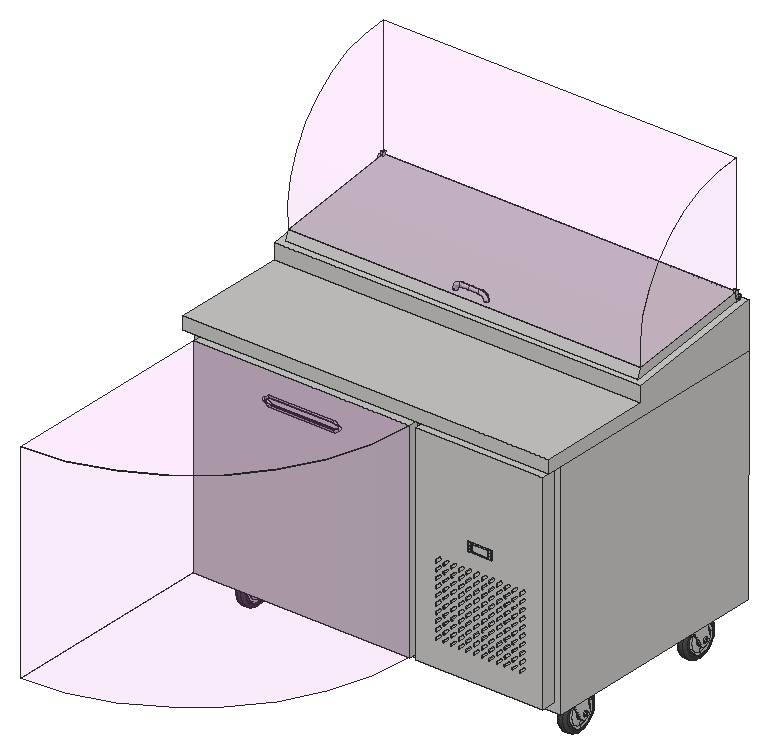
Revit family "QF_Kelvinator_738252_KCHPT50.6", category Specialty Equipment, Revit 2021
Family settings
  Round Connector Dimension = Use Diameter
  Part Type = Normal
  Work Plane-Based = No
  Always vertical = Yes
  Cut with Voids When Loaded = No
  Shared = No
  Room Calculation Point = No
Parameters
  Weight in Pounds = 224.872
  Weight = 102.00 lbm
  Watts = 0 W
  Volts = 115 V
  URL Manufacturer = "KELVINATOR"
  URL Cutsheet = ""
  URL = "KELVINATOR"
  Specification by User = ""
  Specification by Manufacturer = ""
  Serial Number = ""
  Seismic Rating = ""
  SMACNA No = ""
  Revision Code = ""
  Refrigerant Type = "R290"
  Phase = 1
  Number of Poles = 1
  NAFEM Spec ID Number = ""
  Model = "KCHPT50.6"
  Min Ckt Ampacity = 0 A
  Max Overcurrent Protection = 0 A
  Masterspec = ""
  Manufacturer = "Kelvinator"
  Length Actual = 1203"
  Length = 47 3/8"
  Item Number = "738252"
  Installed By = ""
  Identify Quantity as Lot = yes
  Height Actual = 1050"
  Height = 41 5/16"
  HP = "1 HP"
  Gas KW = 0
  Furnished By = ""
  Foodservice Equipment Identifier = yes
  FL Amps = 5 A
  Electrical Remarks = ""
  Electric Connection Type = ""
  Elec Conn RI Height = 0"
  Elec Conn Connection Height = 0"
  Description = "1-DOOR PIZZA PREP TABLE 48\" LONG 6-1/3 PAN"
  Depth Actual = 820"
  Depth = 32 5/16"
  Default Elevation = 0"
  Cycle = 60 Hz
  Conn Plug = "5-15P"
  Conn Conduit = yes
  CSI MasterFormat = ""
  Apparent Power = 0 VA
  Accessory = no
Reference planes (in)
  plane 1 "BACK": y = 0
  plane 2: z = 0
  plane 3 "LEFT": x = 0
  plane 4 "RIGHT": x = 47.375
  plane 5 "FRONT": y = -32.3125
  plane 6 "TOP": z = 41.3125
  plane 7 "Center Y": x = 23.6875
  plane 8 "Center X": y = -16.15625
Dimensions and locks (in)
  equal spacing: plane 3 "LEFT", plane 7 "Center Y", plane 4 "RIGHT"
  "Length": plane 3 "LEFT" to plane 4 "RIGHT"
  equal spacing: plane 5 "FRONT", plane 8 "Center X", plane 1 "BACK"
  "Depth": plane 5 "FRONT" to plane 1 "BACK"
  "Height": plane 6 "TOP" to level
  aligned and locked: level to plane 2
Nested families (in)
  nested 1: "KCHPT" at (0, 0, 0), type "KCHPT"
    with Show Clearance yes
Connectors (in)
  electrical at (23.6875, -1.18418, 4.62235), driven by "Volts", driven by "Watts"
    settings: on nested 1, index 1, voltage 115 V, apparent load 0 VA, apparent load phase1 0 VA, apparent load phase2 0 VA, apparent load phase3 0 VA, power factor 1, load classification "Power", number of poles 1, system type 30, power factor state 1, is connector primary yes, connector utility no, sub classification motor no, connector description "Electrical Connection"
Definition of nested family "KCHPT"
  Parameters (values of type "KCHPT")
    Weight in Pounds = 0
    URL Cutsheet = ""
    Specification by User = ""
    Specification by Manufacturer = ""
    Show Clearance [instance] = yes
    Serial Number = ""
    Seismic Rating = ""
    SMACNA No = ""
    Revision Code = ""
    NAFEM Spec ID Number = ""
    Masterspec = ""
    Length = 47 3/8"
    Item Number = ""
    Installed By = ""
    Identify Quantity as Lot = yes
    Height = 41.53333"
    Furnished By = ""
    Foodservice Equipment Identifier = yes
    Depth = 32 1/4"
    Default Elevation = 0"
    CSI MasterFormat = ""
  Reference planes (in)
    plane 1 "BACK": y = 0
    plane 2: z = 0
    plane 3 "LEFT": x = 0
    plane 4 "RIGHT": x = 47.375
    plane 5 "FRONT": y = -32.25
    plane 6 "TOP": z = 41.53333
    plane 7 "Center Y": x = 23.6875
    plane 8 "Center X": y = -16.125
    plane 9: y = -58.9
    plane 10: y = -17.4
    plane 11: z = 34.33333
    plane 12: z = 6.03333
    plane 13: z = 40.23333
    plane 14: z = 35.93333
    plane 15: z = 5.5
    plane 16: z = 33.58333
    plane 17: z = 6.78333
  Forms (in)
    Extrusion 1, solid
      sketch origin (0, 0, 0) x (0, 1, 0) y (0, 0, 1)
        loop
          line (0, 34.33333) -> (-30.25, 34.33333) -> (-30.25, 5.5) -> (0, 5.5) -> (0, 34.33333)
      from 0 to 47.375
    Extrusion 2, solid
      sketch origin (0, -30.25, 34.33333) x (0, 0, -1) y (1, 0, 0)
        loop
          line (0.95244, 29.97108) -> (27.85244, 29.97108) -> (27.85244, 46.42303) -> (0.95244, 46.42303) -> (0.95244, 29.97108)
      from 0 to 1.75
    Extrusion 3, solid
      sketch origin (0, 0, 0) x (0, 1, 0) y (0, 0, 1)
        loop
          line (0, 34.33333) -> (0, 40.23333) -> (-17.4, 37.93333) -> (-17.4, 35.93333) -> (-32.25, 35.93333) -> (-32.25, 34.33333) -> (0, 34.33333)
      from 0 to 47.375
    Extrusion 4, solid
      sketch origin (0, 0, 0) x (0, 1, 0) y (0, 0, 1)
        loop
          line (-0.60032, 40.15398) -> (-0.73136, 41.14536) -> (-16.125, 39.11057) -> (-16.62626, 38.03561) -> (-0.60032, 40.15398)
      from 0.80534 to 46.42303
    Extrusion 5, solid
      sketch origin (0, 0, 0) x (0, 1, 0) y (0, 0, 1)
        loop
          line (-0.71931, 41.05415) -> (-0.60032, 40.15398) -> (-0.44954, 40.17391) -> (-0.54253, 40.87737) -> (-0.71931, 41.05415)
      from 1.41904 to 45.84907
    Extrusion 6, solid
      sketch origin (0, 0.25217, 0) x (0, 1, 0) y (0, 0, 1)
        loop
          line (-0.97921, 41.1126) -> (-0.94695, 41.23299)
          arc (-0.94695, 41.23299) -> (-0.93228, 41.2584) -> (-0.90687, 41.27307) r 0.05668
          line (-0.90687, 41.27307) -> (-0.8734, 41.28204) -> (-0.73405, 41.36488) -> (-0.8358, 41.46663) -> (-1.13256, 41.43019) -> (-1.19211, 41.53333)
          arc (-1.19211, 41.53333) -> (-1.21835, 41.30726) -> (-1.22705, 41.07984) r 2.94324
          line (-1.22705, 41.07984) -> (-1.09601, 40.08846) -> (-0.60032, 40.15398) -> (-0.97921, 41.1126)
      from 0.63594 to 0.91702
    Extrusion 7, solid
      sketch origin (47.19531, 0.25217, 0) x (0, 1, 0) y (0, 0, -1)
        loop
          line (-0.97921, -41.1126) -> (-0.60032, -40.15398) -> (-1.09601, -40.08846) -> (-1.22705, -41.07984)
          arc (-1.22705, -41.07984) -> (-1.21835, -41.30726) -> (-1.19211, -41.53333) r 2.94324
          line (-1.19211, -41.53333) -> (-1.13256, -41.43019) -> (-0.8358, -41.46663) -> (-0.73405, -41.36488) -> (-0.8734, -41.28204) -> (-0.90687, -41.27307)
          arc (-0.90687, -41.27307) -> (-0.93228, -41.2584) -> (-0.94695, -41.23299) r 0.05668
          line (-0.94695, -41.23299) -> (-0.97921, -41.1126)
      from 0.63594 to 0.91702
    Revolve 8, solid
      sketch origin (0, -0.77601, 40.03126) x (0, 0, -1) y (1, 0, 0)
        loop
          line (-0.77646, 0.63594) -> (-0.97864, 0.63594) -> (-0.97864, 0.29171) -> (-0.92809, 0.29171) -> (-0.92809, 0.25604) -> (-0.77646, 0.25604) -> (-0.77646, 0.63594)
        axis (-0.77646, 0.63594) -> (-0.77646, 0.25604)
      angle from 0 to 360
    Revolve 9, solid
      sketch origin (47.19531, -0.77601, 40.03126) x (0, 0, -1) y (1, 0, 0)
        loop
          line (-0.77646, -0.63594) -> (-0.77646, -0.25604) -> (-0.92809, -0.25604) -> (-0.92809, -0.29171) -> (-0.97864, -0.29171) -> (-0.97864, -0.63594) -> (-0.77646, -0.63594)
        axis (-0.77646, -0.63594) -> (-0.77646, -0.25604)
      angle from 0 to 360
    Sweep 10, solid
      path origin (0, -16.94992, 54.53737) x (0, 0.113722, -0.993513) y (1, 0, 0)
        loop
          line (15.52754, 21.6875) -> (15.34004, 21.6875)
          arc (15.34004, 21.6875) -> (14.80971, 21.90717) -> (14.59004, 22.4375) r 0.75
          line (14.59004, 22.4375) -> (14.59004, 23.6875) -> (14.59004, 24.9375)
          arc (14.59004, 24.9375) -> (14.80971, 25.46783) -> (15.34004, 25.6875) r 0.75
          line (15.34004, 25.6875) -> (15.52754, 25.6875)
      profile origin (24.3125, -15.29071, 40.04198) x (0, -0.113722, 0.993513) y (0, -0.993513, -0.113722)
        loop
          circle (0, 0) r 0.25
    Extrusion 11, solid
      sketch origin (0, -30.25, 34.33333) x (0, 0, -1) y (1, 0, 0)
        loop
          line (0.95244, 1.21311) -> (27.85244, 1.21311) -> (27.85244, 29.21077) -> (0.95244, 29.21077) -> (0.95244, 1.21311)
      from 0.61189 to 1.75
    Extrusion 12, solid
      sketch origin (0, 0, 0) x (0, 1, 0) y (0, 0, 1)
        loop
          line (-30.86189, 33.03333) -> (-30.86189, 6.78333) -> (-30.61189, 6.78333) -> (-30.61189, 33.03333) -> (-30.86189, 33.03333)
      from 1.5672 to 28.92706
    Extrusion 13, solid
      sketch origin (0, 0.25, 0) x (0, 1, 0) y (0, 0, 1)
        loop
          line (-30.86189, 33.03333) -> (-30.86189, 6.78333) -> (-30.63499, 6.78333) -> (-30.63499, 33.03333) -> (-30.86189, 33.03333)
      from 1.5672 to 28.92706
    Extrusion 14, solid
      sketch origin (0, 0.40775, 0) x (0, 1, 0) y (0, 0, 1)
        loop
          line (-30.79275, 33.03333) -> (-30.79275, 6.78333) -> (-30.65775, 6.78333) -> (-30.65775, 33.03333) -> (-30.79275, 33.03333)
      from 1.5672 to 28.92706
    Extrusion 15, solid
      sketch origin (13.31117, -32, 12.93481) x (-1, 0, 0) y (0, 0, 1)
        loop
          line (-23.36283, 9.70772) -> (-26.51243, 9.70772) -> (-26.51243, 8.52662) -> (-23.36283, 8.52662) -> (-23.36283, 9.70772)
        loop
          line (-23.44157, 9.63107) -> (-23.83527, 9.63107) -> (-23.83527, 9.31193) -> (-23.44157, 9.31193) -> (-23.44157, 9.63107)
        loop
          line (-23.44157, 9.27674) -> (-23.83527, 9.27674) -> (-23.83527, 8.9576) -> (-23.44157, 8.9576) -> (-23.44157, 9.27674)
        loop
          line (-23.44157, 8.92241) -> (-23.83527, 8.92241) -> (-23.83527, 8.60327) -> (-23.44157, 8.60327) -> (-23.44157, 8.92241)
        loop
          line (-26.43369, 9.63107) -> (-26.43369, 9.31193) -> (-26.03999, 9.31193) -> (-26.03999, 9.63107) -> (-26.43369, 9.63107)
        loop
          line (-26.43369, 9.27674) -> (-26.43369, 8.9576) -> (-26.03999, 8.9576) -> (-26.03999, 9.27674) -> (-26.43369, 9.27674)
        loop
          line (-26.43369, 8.92241) -> (-26.43369, 8.60327) -> (-26.03999, 8.60327) -> (-26.03999, 8.92241) -> (-26.43369, 8.92241)
        loop
          line (-23.91275, 9.63107) -> (-25.96251, 9.63107) -> (-25.96251, 8.60716) -> (-23.91275, 8.60716) -> (-23.91275, 9.63107)
      from 0.07874 to -0.04602
    Extrusion 16, solid
      sketch origin (13.31117, -32.04602, 12.93481) x (1, 0, 0) y (0, 0, 1)
        loop
          line (26.03999, 9.63107) -> (26.03999, 9.31193) -> (26.43369, 9.31193) -> (26.43369, 9.63107) -> (26.03999, 9.63107)
        loop
          line (26.03999, 9.27674) -> (26.03999, 8.9576) -> (26.43369, 8.9576) -> (26.43369, 9.27674) -> (26.03999, 9.27674)
        loop
          line (26.03999, 8.92241) -> (26.03999, 8.60327) -> (26.43369, 8.60327) -> (26.43369, 8.92241) -> (26.03999, 8.92241)
        loop
          line (23.83527, 9.63107) -> (23.44157, 9.63107) -> (23.44157, 9.31193) -> (23.83527, 9.31193) -> (23.83527, 9.63107)
        loop
          line (23.83527, 9.27674) -> (23.44157, 9.27674) -> (23.44157, 8.9576) -> (23.83527, 8.9576) -> (23.83527, 9.27674)
        loop
          line (23.83527, 8.92241) -> (23.44157, 8.92241) -> (23.44157, 8.60327) -> (23.83527, 8.60327) -> (23.83527, 8.92241)
      from 0 to -0.07874
    Extrusion 17, solid
      sketch origin (13.31117, -32.04602, 12.93481) x (1, 0, 0) y (0, 0, 1)
        loop
          line (23.91275, 9.63107) -> (23.91275, 8.60716) -> (25.96251, 8.60716) -> (25.96251, 9.63107) -> (23.91275, 9.63107)
      from 0 to -0.07874
    Extrusion 18, void
      sketch origin (13.31117, -32, 12.93481) x (-1, 0, 0) y (0, 0, 1)
        loop
          line (-23.36283, 9.70772) -> (-26.51243, 9.70772) -> (-26.51243, 8.52662) -> (-23.36283, 8.52662) -> (-23.36283, 9.70772)
      from 0 to 0.07874
    Extrusion 19, void
      sketch origin (-15.03105, -31.99996, 32.23218) x (0, 0, 1) y (1, 0, 0)
        loop
          line (-1.94791, 26.10318) -> (-1.94791, 34.45318) -> (-2.28604, 34.99418)
          arc (-2.28604, 34.99418) -> (-2.38541, 35.04926) -> (-2.48479, 34.99418) r 0.11719
          line (-2.48479, 34.99418) -> (-2.82291, 34.45318) -> (-2.82291, 26.10318) -> (-2.48621, 25.56446)
          arc (-2.48621, 25.56446) -> (-2.38541, 25.50859) -> (-2.28462, 25.56446) r 0.11887
          line (-2.28462, 25.56446) -> (-1.94791, 26.10318)
      from 0 to 0.31887
    Sweep 20, solid
      path origin (-15.03105, -29.19996, 32.23218) x (0, 0, -1) y (1, 0, 0)
        loop
          line (2.82291, 34.45318) -> (2.48479, 34.99418)
          arc (2.48479, 34.99418) -> (2.38541, 35.04926) -> (2.28604, 34.99418) r 0.11719
          line (2.28604, 34.99418) -> (1.94791, 34.45318) -> (1.94791, 26.10318) -> (2.28462, 25.56446)
          arc (2.28462, 25.56446) -> (2.38541, 25.50859) -> (2.48621, 25.56446) r 0.11887
          line (2.48621, 25.56446) -> (2.82291, 26.10318) -> (2.82291, 34.45318)
      profile origin (15.24713, -29.19996, 29.40927) x (0, 0, -1) y (0, -1, 0)
        loop
          line (0, 2.8) -> (0.25, 2.8)
          arc (0.25, 2.8) -> (0.125, 2.85269) -> (0, 2.8) r 0.17461
    Extrusion 21, void
      sketch origin (0, -32, 34.33333) x (0, 0, 1) y (1, 0, 0)
        loop
          line (-15.37242, 32.54824) -> (-14.84209, 33.07857)
          arc (-14.84209, 33.07857) -> (-14.84209, 33.28659) -> (-15.05012, 33.28659) r 0.1471
          line (-15.05012, 33.28659) -> (-15.58045, 32.75626)
          arc (-15.58045, 32.75626) -> (-15.58045, 32.54824) -> (-15.37242, 32.54824) r 0.1471
        loop
          line (-15.37242, 33.54824) -> (-14.84209, 34.07857)
          arc (-14.84209, 34.07857) -> (-14.84209, 34.28659) -> (-15.05012, 34.28659) r 0.1471
          line (-15.05012, 34.28659) -> (-15.58045, 33.75626)
          arc (-15.58045, 33.75626) -> (-15.58045, 33.54824) -> (-15.37242, 33.54824) r 0.1471
        loop
          line (-15.37242, 34.54824) -> (-14.84209, 35.07857)
          arc (-14.84209, 35.07857) -> (-14.84209, 35.28659) -> (-15.05012, 35.28659) r 0.1471
          line (-15.05012, 35.28659) -> (-15.58045, 34.75626)
          arc (-15.58045, 34.75626) -> (-15.58045, 34.54824) -> (-15.37242, 34.54824) r 0.1471
        loop
          line (-15.37242, 35.51699) -> (-14.84209, 36.04732)
          arc (-14.84209, 36.04732) -> (-14.84209, 36.25534) -> (-15.05012, 36.25534) r 0.1471
          line (-15.05012, 36.25534) -> (-15.58045, 35.72501)
          arc (-15.58045, 35.72501) -> (-15.58045, 35.51699) -> (-15.37242, 35.51699) r 0.1471
        loop
          line (-15.37242, 36.48574) -> (-14.84209, 37.01607)
          arc (-14.84209, 37.01607) -> (-14.84209, 37.22409) -> (-15.05012, 37.22409) r 0.1471
          line (-15.05012, 37.22409) -> (-15.58045, 36.69376)
          arc (-15.58045, 36.69376) -> (-15.58045, 36.48574) -> (-15.37242, 36.48574) r 0.1471
        loop
          line (-15.37242, 37.48574) -> (-14.84209, 38.01607)
          arc (-14.84209, 38.01607) -> (-14.84209, 38.22409) -> (-15.05012, 38.22409) r 0.1471
          line (-15.05012, 38.22409) -> (-15.58045, 37.69376)
          arc (-15.58045, 37.69376) -> (-15.58045, 37.48574) -> (-15.37242, 37.48574) r 0.1471
        loop
          line (-15.37242, 38.48574) -> (-14.84209, 39.01607)
          arc (-14.84209, 39.01607) -> (-14.84209, 39.22409) -> (-15.05012, 39.22409) r 0.1471
          line (-15.05012, 39.22409) -> (-15.58045, 38.69376)
          arc (-15.58045, 38.69376) -> (-15.58045, 38.48574) -> (-15.37242, 38.48574) r 0.1471
        loop
          line (-15.37242, 39.45449) -> (-14.84209, 39.98482)
          arc (-14.84209, 39.98482) -> (-14.84209, 40.19284) -> (-15.05012, 40.19284) r 0.1471
          line (-15.05012, 40.19284) -> (-15.58045, 39.66251)
          arc (-15.58045, 39.66251) -> (-15.58045, 39.45449) -> (-15.37242, 39.45449) r 0.1471
        loop
          line (-15.37242, 40.45449) -> (-14.84209, 40.98482)
          arc (-14.84209, 40.98482) -> (-14.84209, 41.19284) -> (-15.05012, 41.19284) r 0.1471
          line (-15.05012, 41.19284) -> (-15.58045, 40.66251)
          arc (-15.58045, 40.66251) -> (-15.58045, 40.45449) -> (-15.37242, 40.45449) r 0.1471
        loop
          line (-15.37242, 41.45449) -> (-14.84209, 41.98482)
          arc (-14.84209, 41.98482) -> (-14.84209, 42.19284) -> (-15.05012, 42.19284) r 0.1471
          line (-15.05012, 42.19284) -> (-15.58045, 41.66251)
          arc (-15.58045, 41.66251) -> (-15.58045, 41.45449) -> (-15.37242, 41.45449) r 0.1471
        loop
          line (-15.37242, 42.45449) -> (-14.84209, 42.98482)
          arc (-14.84209, 42.98482) -> (-14.84209, 43.19284) -> (-15.05012, 43.19284) r 0.1471
          line (-15.05012, 43.19284) -> (-15.58045, 42.66251)
          arc (-15.58045, 42.66251) -> (-15.58045, 42.45449) -> (-15.37242, 42.45449) r 0.1471
        loop
          line (-15.37242, 43.42324) -> (-14.84209, 43.95357)
          arc (-14.84209, 43.95357) -> (-14.84209, 44.16159) -> (-15.05012, 44.16159) r 0.1471
          line (-15.05012, 44.16159) -> (-15.58045, 43.63126)
          arc (-15.58045, 43.63126) -> (-15.58045, 43.42324) -> (-15.37242, 43.42324) r 0.1471
        loop
          line (-16.37242, 32.54824) -> (-15.84209, 33.07857)
          arc (-15.84209, 33.07857) -> (-15.84209, 33.28659) -> (-16.05012, 33.28659) r 0.1471
          line (-16.05012, 33.28659) -> (-16.58045, 32.75626)
          arc (-16.58045, 32.75626) -> (-16.58045, 32.54824) -> (-16.37242, 32.54824) r 0.1471
        loop
          line (-16.37242, 33.54824) -> (-15.84209, 34.07857)
          arc (-15.84209, 34.07857) -> (-15.84209, 34.28659) -> (-16.05012, 34.28659) r 0.1471
          line (-16.05012, 34.28659) -> (-16.58045, 33.75626)
          arc (-16.58045, 33.75626) -> (-16.58045, 33.54824) -> (-16.37242, 33.54824) r 0.1471
        loop
          line (-16.37242, 34.54824) -> (-15.84209, 35.07857)
          arc (-15.84209, 35.07857) -> (-15.84209, 35.28659) -> (-16.05012, 35.28659) r 0.1471
          line (-16.05012, 35.28659) -> (-16.58045, 34.75626)
          arc (-16.58045, 34.75626) -> (-16.58045, 34.54824) -> (-16.37242, 34.54824) r 0.1471
        loop
          line (-16.37242, 35.51699) -> (-15.84209, 36.04732)
          arc (-15.84209, 36.04732) -> (-15.84209, 36.25534) -> (-16.05012, 36.25534) r 0.1471
          line (-16.05012, 36.25534) -> (-16.58045, 35.72501)
          arc (-16.58045, 35.72501) -> (-16.58045, 35.51699) -> (-16.37242, 35.51699) r 0.1471
        loop
          line (-16.37242, 36.48574) -> (-15.84209, 37.01607)
          arc (-15.84209, 37.01607) -> (-15.84209, 37.22409) -> (-16.05012, 37.22409) r 0.1471
          line (-16.05012, 37.22409) -> (-16.58045, 36.69376)
          arc (-16.58045, 36.69376) -> (-16.58045, 36.48574) -> (-16.37242, 36.48574) r 0.1471
        loop
          line (-16.37242, 37.48574) -> (-15.84209, 38.01607)
          arc (-15.84209, 38.01607) -> (-15.84209, 38.22409) -> (-16.05012, 38.22409) r 0.1471
          line (-16.05012, 38.22409) -> (-16.58045, 37.69376)
          arc (-16.58045, 37.69376) -> (-16.58045, 37.48574) -> (-16.37242, 37.48574) r 0.1471
        loop
          line (-16.37242, 38.48574) -> (-15.84209, 39.01607)
          arc (-15.84209, 39.01607) -> (-15.84209, 39.22409) -> (-16.05012, 39.22409) r 0.1471
          line (-16.05012, 39.22409) -> (-16.58045, 38.69376)
          arc (-16.58045, 38.69376) -> (-16.58045, 38.48574) -> (-16.37242, 38.48574) r 0.1471
        loop
          line (-16.37242, 39.45449) -> (-15.84209, 39.98482)
          arc (-15.84209, 39.98482) -> (-15.84209, 40.19284) -> (-16.05012, 40.19284) r 0.1471
          line (-16.05012, 40.19284) -> (-16.58045, 39.66251)
          arc (-16.58045, 39.66251) -> (-16.58045, 39.45449) -> (-16.37242, 39.45449) r 0.1471
        loop
          line (-16.37242, 40.45449) -> (-15.84209, 40.98482)
          arc (-15.84209, 40.98482) -> (-15.84209, 41.19284) -> (-16.05012, 41.19284) r 0.1471
          line (-16.05012, 41.19284) -> (-16.58045, 40.66251)
          arc (-16.58045, 40.66251) -> (-16.58045, 40.45449) -> (-16.37242, 40.45449) r 0.1471
        loop
          line (-16.37242, 41.45449) -> (-15.84209, 41.98482)
          arc (-15.84209, 41.98482) -> (-15.84209, 42.19284) -> (-16.05012, 42.19284) r 0.1471
          line (-16.05012, 42.19284) -> (-16.58045, 41.66251)
          arc (-16.58045, 41.66251) -> (-16.58045, 41.45449) -> (-16.37242, 41.45449) r 0.1471
        loop
          line (-16.37242, 42.45449) -> (-15.84209, 42.98482)
          arc (-15.84209, 42.98482) -> (-15.84209, 43.19284) -> (-16.05012, 43.19284) r 0.1471
          line (-16.05012, 43.19284) -> (-16.58045, 42.66251)
          arc (-16.58045, 42.66251) -> (-16.58045, 42.45449) -> (-16.37242, 42.45449) r 0.1471
        loop
          line (-16.37242, 43.42324) -> (-15.84209, 43.95357)
          arc (-15.84209, 43.95357) -> (-15.84209, 44.16159) -> (-16.05012, 44.16159) r 0.1471
          line (-16.05012, 44.16159) -> (-16.58045, 43.63126)
          arc (-16.58045, 43.63126) -> (-16.58045, 43.42324) -> (-16.37242, 43.42324) r 0.1471
        loop
          line (-17.37242, 32.54824) -> (-16.84209, 33.07857)
          arc (-16.84209, 33.07857) -> (-16.84209, 33.28659) -> (-17.05012, 33.28659) r 0.1471
          line (-17.05012, 33.28659) -> (-17.58045, 32.75626)
          arc (-17.58045, 32.75626) -> (-17.58045, 32.54824) -> (-17.37242, 32.54824) r 0.1471
        loop
          line (-17.37242, 33.54824) -> (-16.84209, 34.07857)
          arc (-16.84209, 34.07857) -> (-16.84209, 34.28659) -> (-17.05012, 34.28659) r 0.1471
          line (-17.05012, 34.28659) -> (-17.58045, 33.75626)
          arc (-17.58045, 33.75626) -> (-17.58045, 33.54824) -> (-17.37242, 33.54824) r 0.1471
        loop
          line (-17.37242, 34.54824) -> (-16.84209, 35.07857)
          arc (-16.84209, 35.07857) -> (-16.84209, 35.28659) -> (-17.05012, 35.28659) r 0.1471
          line (-17.05012, 35.28659) -> (-17.58045, 34.75626)
          arc (-17.58045, 34.75626) -> (-17.58045, 34.54824) -> (-17.37242, 34.54824) r 0.1471
        loop
          line (-17.37242, 35.51699) -> (-16.84209, 36.04732)
          arc (-16.84209, 36.04732) -> (-16.84209, 36.25534) -> (-17.05012, 36.25534) r 0.1471
          line (-17.05012, 36.25534) -> (-17.58045, 35.72501)
          arc (-17.58045, 35.72501) -> (-17.58045, 35.51699) -> (-17.37242, 35.51699) r 0.1471
        loop
          line (-17.37242, 36.48574) -> (-16.84209, 37.01607)
          arc (-16.84209, 37.01607) -> (-16.84209, 37.22409) -> (-17.05012, 37.22409) r 0.1471
          line (-17.05012, 37.22409) -> (-17.58045, 36.69376)
          arc (-17.58045, 36.69376) -> (-17.58045, 36.48574) -> (-17.37242, 36.48574) r 0.1471
        loop
          line (-17.37242, 37.48574) -> (-16.84209, 38.01607)
          arc (-16.84209, 38.01607) -> (-16.84209, 38.22409) -> (-17.05012, 38.22409) r 0.1471
          line (-17.05012, 38.22409) -> (-17.58045, 37.69376)
          arc (-17.58045, 37.69376) -> (-17.58045, 37.48574) -> (-17.37242, 37.48574) r 0.1471
        loop
          line (-17.37242, 38.48574) -> (-16.84209, 39.01607)
          arc (-16.84209, 39.01607) -> (-16.84209, 39.22409) -> (-17.05012, 39.22409) r 0.1471
          line (-17.05012, 39.22409) -> (-17.58045, 38.69376)
          arc (-17.58045, 38.69376) -> (-17.58045, 38.48574) -> (-17.37242, 38.48574) r 0.1471
        loop
          line (-17.37242, 39.45449) -> (-16.84209, 39.98482)
          arc (-16.84209, 39.98482) -> (-16.84209, 40.19284) -> (-17.05012, 40.19284) r 0.1471
          line (-17.05012, 40.19284) -> (-17.58045, 39.66251)
          arc (-17.58045, 39.66251) -> (-17.58045, 39.45449) -> (-17.37242, 39.45449) r 0.1471
        loop
          line (-17.37242, 40.45449) -> (-16.84209, 40.98482)
          arc (-16.84209, 40.98482) -> (-16.84209, 41.19284) -> (-17.05012, 41.19284) r 0.1471
          line (-17.05012, 41.19284) -> (-17.58045, 40.66251)
          arc (-17.58045, 40.66251) -> (-17.58045, 40.45449) -> (-17.37242, 40.45449) r 0.1471
        loop
          line (-17.37242, 41.45449) -> (-16.84209, 41.98482)
          arc (-16.84209, 41.98482) -> (-16.84209, 42.19284) -> (-17.05012, 42.19284) r 0.1471
          line (-17.05012, 42.19284) -> (-17.58045, 41.66251)
          arc (-17.58045, 41.66251) -> (-17.58045, 41.45449) -> (-17.37242, 41.45449) r 0.1471
        loop
          line (-17.37242, 42.45449) -> (-16.84209, 42.98482)
          arc (-16.84209, 42.98482) -> (-16.84209, 43.19284) -> (-17.05012, 43.19284) r 0.1471
          line (-17.05012, 43.19284) -> (-17.58045, 42.66251)
          arc (-17.58045, 42.66251) -> (-17.58045, 42.45449) -> (-17.37242, 42.45449) r 0.1471
        loop
          line (-17.37242, 43.42324) -> (-16.84209, 43.95357)
          arc (-16.84209, 43.95357) -> (-16.84209, 44.16159) -> (-17.05012, 44.16159) r 0.1471
          line (-17.05012, 44.16159) -> (-17.58045, 43.63126)
          arc (-17.58045, 43.63126) -> (-17.58045, 43.42324) -> (-17.37242, 43.42324) r 0.1471
        loop
          line (-18.37242, 32.54824) -> (-17.84209, 33.07857)
          arc (-17.84209, 33.07857) -> (-17.84209, 33.28659) -> (-18.05012, 33.28659) r 0.1471
          line (-18.05012, 33.28659) -> (-18.58045, 32.75626)
          arc (-18.58045, 32.75626) -> (-18.58045, 32.54824) -> (-18.37242, 32.54824) r 0.1471
        loop
          line (-18.37242, 33.54824) -> (-17.84209, 34.07857)
          arc (-17.84209, 34.07857) -> (-17.84209, 34.28659) -> (-18.05012, 34.28659) r 0.1471
          line (-18.05012, 34.28659) -> (-18.58045, 33.75626)
          arc (-18.58045, 33.75626) -> (-18.58045, 33.54824) -> (-18.37242, 33.54824) r 0.1471
        loop
          line (-18.37242, 34.54824) -> (-17.84209, 35.07857)
          arc (-17.84209, 35.07857) -> (-17.84209, 35.28659) -> (-18.05012, 35.28659) r 0.1471
          line (-18.05012, 35.28659) -> (-18.58045, 34.75626)
          arc (-18.58045, 34.75626) -> (-18.58045, 34.54824) -> (-18.37242, 34.54824) r 0.1471
        loop
          line (-18.37242, 35.51699) -> (-17.84209, 36.04732)
          arc (-17.84209, 36.04732) -> (-17.84209, 36.25534) -> (-18.05012, 36.25534) r 0.1471
          line (-18.05012, 36.25534) -> (-18.58045, 35.72501)
          arc (-18.58045, 35.72501) -> (-18.58045, 35.51699) -> (-18.37242, 35.51699) r 0.1471
        loop
          line (-18.37242, 36.48574) -> (-17.84209, 37.01607)
          arc (-17.84209, 37.01607) -> (-17.84209, 37.22409) -> (-18.05012, 37.22409) r 0.1471
          line (-18.05012, 37.22409) -> (-18.58045, 36.69376)
          arc (-18.58045, 36.69376) -> (-18.58045, 36.48574) -> (-18.37242, 36.48574) r 0.1471
        loop
          line (-18.37242, 37.48574) -> (-17.84209, 38.01607)
          arc (-17.84209, 38.01607) -> (-17.84209, 38.22409) -> (-18.05012, 38.22409) r 0.1471
          line (-18.05012, 38.22409) -> (-18.58045, 37.69376)
          arc (-18.58045, 37.69376) -> (-18.58045, 37.48574) -> (-18.37242, 37.48574) r 0.1471
        loop
          line (-18.37242, 38.48574) -> (-17.84209, 39.01607)
          arc (-17.84209, 39.01607) -> (-17.84209, 39.22409) -> (-18.05012, 39.22409) r 0.1471
          line (-18.05012, 39.22409) -> (-18.58045, 38.69376)
          arc (-18.58045, 38.69376) -> (-18.58045, 38.48574) -> (-18.37242, 38.48574) r 0.1471
        loop
          line (-18.37242, 39.45449) -> (-17.84209, 39.98482)
          arc (-17.84209, 39.98482) -> (-17.84209, 40.19284) -> (-18.05012, 40.19284) r 0.1471
          line (-18.05012, 40.19284) -> (-18.58045, 39.66251)
          arc (-18.58045, 39.66251) -> (-18.58045, 39.45449) -> (-18.37242, 39.45449) r 0.1471
        loop
          line (-18.37242, 40.45449) -> (-17.84209, 40.98482)
          arc (-17.84209, 40.98482) -> (-17.84209, 41.19284) -> (-18.05012, 41.19284) r 0.1471
          line (-18.05012, 41.19284) -> (-18.58045, 40.66251)
          arc (-18.58045, 40.66251) -> (-18.58045, 40.45449) -> (-18.37242, 40.45449) r 0.1471
        loop
          line (-18.37242, 41.45449) -> (-17.84209, 41.98482)
          arc (-17.84209, 41.98482) -> (-17.84209, 42.19284) -> (-18.05012, 42.19284) r 0.1471
          line (-18.05012, 42.19284) -> (-18.58045, 41.66251)
          arc (-18.58045, 41.66251) -> (-18.58045, 41.45449) -> (-18.37242, 41.45449) r 0.1471
        loop
          line (-18.37242, 42.45449) -> (-17.84209, 42.98482)
          arc (-17.84209, 42.98482) -> (-17.84209, 43.19284) -> (-18.05012, 43.19284) r 0.1471
          line (-18.05012, 43.19284) -> (-18.58045, 42.66251)
          arc (-18.58045, 42.66251) -> (-18.58045, 42.45449) -> (-18.37242, 42.45449) r 0.1471
        loop
          line (-18.37242, 43.42324) -> (-17.84209, 43.95357)
          arc (-17.84209, 43.95357) -> (-17.84209, 44.16159) -> (-18.05012, 44.16159) r 0.1471
          line (-18.05012, 44.16159) -> (-18.58045, 43.63126)
          arc (-18.58045, 43.63126) -> (-18.58045, 43.42324) -> (-18.37242, 43.42324) r 0.1471
        loop
          line (-19.3519, 32.54824) -> (-18.82157, 33.07857)
          arc (-18.82157, 33.07857) -> (-18.82157, 33.28659) -> (-19.02959, 33.28659) r 0.1471
          line (-19.02959, 33.28659) -> (-19.55992, 32.75626)
          arc (-19.55992, 32.75626) -> (-19.55992, 32.54824) -> (-19.3519, 32.54824) r 0.1471
        loop
          line (-19.3519, 33.54824) -> (-18.82157, 34.07857)
          arc (-18.82157, 34.07857) -> (-18.82157, 34.28659) -> (-19.02959, 34.28659) r 0.1471
          line (-19.02959, 34.28659) -> (-19.55992, 33.75626)
          arc (-19.55992, 33.75626) -> (-19.55992, 33.54824) -> (-19.3519, 33.54824) r 0.1471
        loop
          line (-19.3519, 34.54824) -> (-18.82157, 35.07857)
          arc (-18.82157, 35.07857) -> (-18.82157, 35.28659) -> (-19.02959, 35.28659) r 0.1471
          line (-19.02959, 35.28659) -> (-19.55992, 34.75626)
          arc (-19.55992, 34.75626) -> (-19.55992, 34.54824) -> (-19.3519, 34.54824) r 0.1471
        loop
          line (-19.3519, 35.51699) -> (-18.82157, 36.04732)
          arc (-18.82157, 36.04732) -> (-18.82157, 36.25534) -> (-19.02959, 36.25534) r 0.1471
          line (-19.02959, 36.25534) -> (-19.55992, 35.72501)
          arc (-19.55992, 35.72501) -> (-19.55992, 35.51699) -> (-19.3519, 35.51699) r 0.1471
        loop
          line (-19.3519, 36.48574) -> (-18.82157, 37.01607)
          arc (-18.82157, 37.01607) -> (-18.82157, 37.22409) -> (-19.02959, 37.22409) r 0.1471
          line (-19.02959, 37.22409) -> (-19.55992, 36.69376)
          arc (-19.55992, 36.69376) -> (-19.55992, 36.48574) -> (-19.3519, 36.48574) r 0.1471
        loop
          line (-19.3519, 37.48574) -> (-18.82157, 38.01607)
          arc (-18.82157, 38.01607) -> (-18.82157, 38.22409) -> (-19.02959, 38.22409) r 0.1471
          line (-19.02959, 38.22409) -> (-19.55992, 37.69376)
          arc (-19.55992, 37.69376) -> (-19.55992, 37.48574) -> (-19.3519, 37.48574) r 0.1471
        loop
          line (-19.3519, 38.48574) -> (-18.82157, 39.01607)
          arc (-18.82157, 39.01607) -> (-18.82157, 39.22409) -> (-19.02959, 39.22409) r 0.1471
          line (-19.02959, 39.22409) -> (-19.55992, 38.69376)
          arc (-19.55992, 38.69376) -> (-19.55992, 38.48574) -> (-19.3519, 38.48574) r 0.1471
        loop
          line (-19.3519, 39.45449) -> (-18.82157, 39.98482)
          arc (-18.82157, 39.98482) -> (-18.82157, 40.19284) -> (-19.02959, 40.19284) r 0.1471
          line (-19.02959, 40.19284) -> (-19.55992, 39.66251)
          arc (-19.55992, 39.66251) -> (-19.55992, 39.45449) -> (-19.3519, 39.45449) r 0.1471
        loop
          line (-19.3519, 40.45449) -> (-18.82157, 40.98482)
          arc (-18.82157, 40.98482) -> (-18.82157, 41.19284) -> (-19.02959, 41.19284) r 0.1471
          line (-19.02959, 41.19284) -> (-19.55992, 40.66251)
          arc (-19.55992, 40.66251) -> (-19.55992, 40.45449) -> (-19.3519, 40.45449) r 0.1471
        loop
          line (-19.3519, 41.45449) -> (-18.82157, 41.98482)
          arc (-18.82157, 41.98482) -> (-18.82157, 42.19284) -> (-19.02959, 42.19284) r 0.1471
          line (-19.02959, 42.19284) -> (-19.55992, 41.66251)
          arc (-19.55992, 41.66251) -> (-19.55992, 41.45449) -> (-19.3519, 41.45449) r 0.1471
        loop
          line (-19.3519, 42.45449) -> (-18.82157, 42.98482)
          arc (-18.82157, 42.98482) -> (-18.82157, 43.19284) -> (-19.02959, 43.19284) r 0.1471
          line (-19.02959, 43.19284) -> (-19.55992, 42.66251)
          arc (-19.55992, 42.66251) -> (-19.55992, 42.45449) -> (-19.3519, 42.45449) r 0.1471
        loop
          line (-19.3519, 43.42324) -> (-18.82157, 43.95357)
          arc (-18.82157, 43.95357) -> (-18.82157, 44.16159) -> (-19.02959, 44.16159) r 0.1471
          line (-19.02959, 44.16159) -> (-19.55992, 43.63126)
          arc (-19.55992, 43.63126) -> (-19.55992, 43.42324) -> (-19.3519, 43.42324) r 0.1471
        loop
          line (-20.3519, 32.54824) -> (-19.82157, 33.07857)
          arc (-19.82157, 33.07857) -> (-19.82157, 33.28659) -> (-20.02959, 33.28659) r 0.1471
          line (-20.02959, 33.28659) -> (-20.55992, 32.75626)
          arc (-20.55992, 32.75626) -> (-20.55992, 32.54824) -> (-20.3519, 32.54824) r 0.1471
        loop
          line (-20.3519, 33.54824) -> (-19.82157, 34.07857)
          arc (-19.82157, 34.07857) -> (-19.82157, 34.28659) -> (-20.02959, 34.28659) r 0.1471
          line (-20.02959, 34.28659) -> (-20.55992, 33.75626)
          arc (-20.55992, 33.75626) -> (-20.55992, 33.54824) -> (-20.3519, 33.54824) r 0.1471
        loop
          line (-20.3519, 34.54824) -> (-19.82157, 35.07857)
          arc (-19.82157, 35.07857) -> (-19.82157, 35.28659) -> (-20.02959, 35.28659) r 0.1471
          line (-20.02959, 35.28659) -> (-20.55992, 34.75626)
          arc (-20.55992, 34.75626) -> (-20.55992, 34.54824) -> (-20.3519, 34.54824) r 0.1471
        loop
          line (-20.3519, 35.51699) -> (-19.82157, 36.04732)
          arc (-19.82157, 36.04732) -> (-19.82157, 36.25534) -> (-20.02959, 36.25534) r 0.1471
          line (-20.02959, 36.25534) -> (-20.55992, 35.72501)
          arc (-20.55992, 35.72501) -> (-20.55992, 35.51699) -> (-20.3519, 35.51699) r 0.1471
        loop
          line (-20.3519, 36.48574) -> (-19.82157, 37.01607)
          arc (-19.82157, 37.01607) -> (-19.82157, 37.22409) -> (-20.02959, 37.22409) r 0.1471
          line (-20.02959, 37.22409) -> (-20.55992, 36.69376)
          arc (-20.55992, 36.69376) -> (-20.55992, 36.48574) -> (-20.3519, 36.48574) r 0.1471
        loop
          line (-20.3519, 37.48574) -> (-19.82157, 38.01607)
          arc (-19.82157, 38.01607) -> (-19.82157, 38.22409) -> (-20.02959, 38.22409) r 0.1471
          line (-20.02959, 38.22409) -> (-20.55992, 37.69376)
          arc (-20.55992, 37.69376) -> (-20.55992, 37.48574) -> (-20.3519, 37.48574) r 0.1471
        loop
          line (-20.3519, 38.48574) -> (-19.82157, 39.01607)
          arc (-19.82157, 39.01607) -> (-19.82157, 39.22409) -> (-20.02959, 39.22409) r 0.1471
          line (-20.02959, 39.22409) -> (-20.55992, 38.69376)
          arc (-20.55992, 38.69376) -> (-20.55992, 38.48574) -> (-20.3519, 38.48574) r 0.1471
        loop
          line (-20.3519, 39.45449) -> (-19.82157, 39.98482)
          arc (-19.82157, 39.98482) -> (-19.82157, 40.19284) -> (-20.02959, 40.19284) r 0.1471
          line (-20.02959, 40.19284) -> (-20.55992, 39.66251)
          arc (-20.55992, 39.66251) -> (-20.55992, 39.45449) -> (-20.3519, 39.45449) r 0.1471
        loop
          line (-20.3519, 40.45449) -> (-19.82157, 40.98482)
          arc (-19.82157, 40.98482) -> (-19.82157, 41.19284) -> (-20.02959, 41.19284) r 0.1471
          line (-20.02959, 41.19284) -> (-20.55992, 40.66251)
          arc (-20.55992, 40.66251) -> (-20.55992, 40.45449) -> (-20.3519, 40.45449) r 0.1471
        loop
          line (-20.3519, 41.45449) -> (-19.82157, 41.98482)
          arc (-19.82157, 41.98482) -> (-19.82157, 42.19284) -> (-20.02959, 42.19284) r 0.1471
          line (-20.02959, 42.19284) -> (-20.55992, 41.66251)
          arc (-20.55992, 41.66251) -> (-20.55992, 41.45449) -> (-20.3519, 41.45449) r 0.1471
        loop
          line (-20.3519, 42.45449) -> (-19.82157, 42.98482)
          arc (-19.82157, 42.98482) -> (-19.82157, 43.19284) -> (-20.02959, 43.19284) r 0.1471
          line (-20.02959, 43.19284) -> (-20.55992, 42.66251)
          arc (-20.55992, 42.66251) -> (-20.55992, 42.45449) -> (-20.3519, 42.45449) r 0.1471
        loop
          line (-20.3519, 43.42324) -> (-19.82157, 43.95357)
          arc (-19.82157, 43.95357) -> (-19.82157, 44.16159) -> (-20.02959, 44.16159) r 0.1471
          line (-20.02959, 44.16159) -> (-20.55992, 43.63126)
          arc (-20.55992, 43.63126) -> (-20.55992, 43.42324) -> (-20.3519, 43.42324) r 0.1471
        loop
          line (-21.3519, 32.54824) -> (-20.82157, 33.07857)
          arc (-20.82157, 33.07857) -> (-20.82157, 33.28659) -> (-21.02959, 33.28659) r 0.1471
          line (-21.02959, 33.28659) -> (-21.55992, 32.75626)
          arc (-21.55992, 32.75626) -> (-21.55992, 32.54824) -> (-21.3519, 32.54824) r 0.1471
        loop
          line (-21.3519, 33.54824) -> (-20.82157, 34.07857)
          arc (-20.82157, 34.07857) -> (-20.82157, 34.28659) -> (-21.02959, 34.28659) r 0.1471
          line (-21.02959, 34.28659) -> (-21.55992, 33.75626)
          arc (-21.55992, 33.75626) -> (-21.55992, 33.54824) -> (-21.3519, 33.54824) r 0.1471
        loop
          line (-21.3519, 34.54824) -> (-20.82157, 35.07857)
          arc (-20.82157, 35.07857) -> (-20.82157, 35.28659) -> (-21.02959, 35.28659) r 0.1471
          line (-21.02959, 35.28659) -> (-21.55992, 34.75626)
          arc (-21.55992, 34.75626) -> (-21.55992, 34.54824) -> (-21.3519, 34.54824) r 0.1471
        loop
          line (-21.3519, 35.51699) -> (-20.82157, 36.04732)
          arc (-20.82157, 36.04732) -> (-20.82157, 36.25534) -> (-21.02959, 36.25534) r 0.1471
          line (-21.02959, 36.25534) -> (-21.55992, 35.72501)
          arc (-21.55992, 35.72501) -> (-21.55992, 35.51699) -> (-21.3519, 35.51699) r 0.1471
        loop
          line (-21.3519, 36.48574) -> (-20.82157, 37.01607)
          arc (-20.82157, 37.01607) -> (-20.82157, 37.22409) -> (-21.02959, 37.22409) r 0.1471
          line (-21.02959, 37.22409) -> (-21.55992, 36.69376)
          arc (-21.55992, 36.69376) -> (-21.55992, 36.48574) -> (-21.3519, 36.48574) r 0.1471
        loop
          line (-21.3519, 37.48574) -> (-20.82157, 38.01607)
          arc (-20.82157, 38.01607) -> (-20.82157, 38.22409) -> (-21.02959, 38.22409) r 0.1471
          line (-21.02959, 38.22409) -> (-21.55992, 37.69376)
          arc (-21.55992, 37.69376) -> (-21.55992, 37.48574) -> (-21.3519, 37.48574) r 0.1471
        loop
          line (-21.3519, 38.48574) -> (-20.82157, 39.01607)
          arc (-20.82157, 39.01607) -> (-20.82157, 39.22409) -> (-21.02959, 39.22409) r 0.1471
          line (-21.02959, 39.22409) -> (-21.55992, 38.69376)
          arc (-21.55992, 38.69376) -> (-21.55992, 38.48574) -> (-21.3519, 38.48574) r 0.1471
        loop
          line (-21.3519, 39.45449) -> (-20.82157, 39.98482)
          arc (-20.82157, 39.98482) -> (-20.82157, 40.19284) -> (-21.02959, 40.19284) r 0.1471
          line (-21.02959, 40.19284) -> (-21.55992, 39.66251)
          arc (-21.55992, 39.66251) -> (-21.55992, 39.45449) -> (-21.3519, 39.45449) r 0.1471
        loop
          line (-21.3519, 40.45449) -> (-20.82157, 40.98482)
          arc (-20.82157, 40.98482) -> (-20.82157, 41.19284) -> (-21.02959, 41.19284) r 0.1471
          line (-21.02959, 41.19284) -> (-21.55992, 40.66251)
          arc (-21.55992, 40.66251) -> (-21.55992, 40.45449) -> (-21.3519, 40.45449) r 0.1471
        loop
          line (-21.3519, 41.45449) -> (-20.82157, 41.98482)
          arc (-20.82157, 41.98482) -> (-20.82157, 42.19284) -> (-21.02959, 42.19284) r 0.1471
          line (-21.02959, 42.19284) -> (-21.55992, 41.66251)
          arc (-21.55992, 41.66251) -> (-21.55992, 41.45449) -> (-21.3519, 41.45449) r 0.1471
        loop
          line (-21.3519, 42.45449) -> (-20.82157, 42.98482)
          arc (-20.82157, 42.98482) -> (-20.82157, 43.19284) -> (-21.02959, 43.19284) r 0.1471
          line (-21.02959, 43.19284) -> (-21.55992, 42.66251)
          arc (-21.55992, 42.66251) -> (-21.55992, 42.45449) -> (-21.3519, 42.45449) r 0.1471
        loop
          line (-21.3519, 43.42324) -> (-20.82157, 43.95357)
          arc (-20.82157, 43.95357) -> (-20.82157, 44.16159) -> (-21.02959, 44.16159) r 0.1471
          line (-21.02959, 44.16159) -> (-21.55992, 43.63126)
          arc (-21.55992, 43.63126) -> (-21.55992, 43.42324) -> (-21.3519, 43.42324) r 0.1471
        loop
          line (-22.3519, 32.54824) -> (-21.82157, 33.07857)
          arc (-21.82157, 33.07857) -> (-21.82157, 33.28659) -> (-22.02959, 33.28659) r 0.1471
          line (-22.02959, 33.28659) -> (-22.55992, 32.75626)
          arc (-22.55992, 32.75626) -> (-22.55992, 32.54824) -> (-22.3519, 32.54824) r 0.1471
        loop
          line (-22.3519, 33.54824) -> (-21.82157, 34.07857)
          arc (-21.82157, 34.07857) -> (-21.82157, 34.28659) -> (-22.02959, 34.28659) r 0.1471
          line (-22.02959, 34.28659) -> (-22.55992, 33.75626)
          arc (-22.55992, 33.75626) -> (-22.55992, 33.54824) -> (-22.3519, 33.54824) r 0.1471
        loop
          line (-22.3519, 34.54824) -> (-21.82157, 35.07857)
          arc (-21.82157, 35.07857) -> (-21.82157, 35.28659) -> (-22.02959, 35.28659) r 0.1471
          line (-22.02959, 35.28659) -> (-22.55992, 34.75626)
          arc (-22.55992, 34.75626) -> (-22.55992, 34.54824) -> (-22.3519, 34.54824) r 0.1471
        loop
          line (-22.3519, 35.51699) -> (-21.82157, 36.04732)
          arc (-21.82157, 36.04732) -> (-21.82157, 36.25534) -> (-22.02959, 36.25534) r 0.1471
          line (-22.02959, 36.25534) -> (-22.55992, 35.72501)
          arc (-22.55992, 35.72501) -> (-22.55992, 35.51699) -> (-22.3519, 35.51699) r 0.1471
        loop
          line (-22.3519, 36.48574) -> (-21.82157, 37.01607)
          arc (-21.82157, 37.01607) -> (-21.82157, 37.22409) -> (-22.02959, 37.22409) r 0.1471
          line (-22.02959, 37.22409) -> (-22.55992, 36.69376)
          arc (-22.55992, 36.69376) -> (-22.55992, 36.48574) -> (-22.3519, 36.48574) r 0.1471
        loop
          line (-22.3519, 37.48574) -> (-21.82157, 38.01607)
          arc (-21.82157, 38.01607) -> (-21.82157, 38.22409) -> (-22.02959, 38.22409) r 0.1471
          line (-22.02959, 38.22409) -> (-22.55992, 37.69376)
          arc (-22.55992, 37.69376) -> (-22.55992, 37.48574) -> (-22.3519, 37.48574) r 0.1471
        loop
          line (-22.3519, 38.48574) -> (-21.82157, 39.01607)
          arc (-21.82157, 39.01607) -> (-21.82157, 39.22409) -> (-22.02959, 39.22409) r 0.1471
          line (-22.02959, 39.22409) -> (-22.55992, 38.69376)
          arc (-22.55992, 38.69376) -> (-22.55992, 38.48574) -> (-22.3519, 38.48574) r 0.1471
        loop
          line (-22.3519, 39.45449) -> (-21.82157, 39.98482)
          arc (-21.82157, 39.98482) -> (-21.82157, 40.19284) -> (-22.02959, 40.19284) r 0.1471
          line (-22.02959, 40.19284) -> (-22.55992, 39.66251)
          arc (-22.55992, 39.66251) -> (-22.55992, 39.45449) -> (-22.3519, 39.45449) r 0.1471
        loop
          line (-22.3519, 40.45449) -> (-21.82157, 40.98482)
          arc (-21.82157, 40.98482) -> (-21.82157, 41.19284) -> (-22.02959, 41.19284) r 0.1471
          line (-22.02959, 41.19284) -> (-22.55992, 40.66251)
          arc (-22.55992, 40.66251) -> (-22.55992, 40.45449) -> (-22.3519, 40.45449) r 0.1471
        loop
          line (-22.3519, 41.45449) -> (-21.82157, 41.98482)
          arc (-21.82157, 41.98482) -> (-21.82157, 42.19284) -> (-22.02959, 42.19284) r 0.1471
          line (-22.02959, 42.19284) -> (-22.55992, 41.66251)
          arc (-22.55992, 41.66251) -> (-22.55992, 41.45449) -> (-22.3519, 41.45449) r 0.1471
        loop
          line (-22.3519, 42.45449) -> (-21.82157, 42.98482)
          arc (-21.82157, 42.98482) -> (-21.82157, 43.19284) -> (-22.02959, 43.19284) r 0.1471
          line (-22.02959, 43.19284) -> (-22.55992, 42.66251)
          arc (-22.55992, 42.66251) -> (-22.55992, 42.45449) -> (-22.3519, 42.45449) r 0.1471
        loop
          line (-22.3519, 43.42324) -> (-21.82157, 43.95357)
          arc (-21.82157, 43.95357) -> (-21.82157, 44.16159) -> (-22.02959, 44.16159) r 0.1471
          line (-22.02959, 44.16159) -> (-22.55992, 43.63126)
          arc (-22.55992, 43.63126) -> (-22.55992, 43.42324) -> (-22.3519, 43.42324) r 0.1471
        loop
          line (-23.3519, 32.54824) -> (-22.82157, 33.07857)
          arc (-22.82157, 33.07857) -> (-22.82157, 33.28659) -> (-23.02959, 33.28659) r 0.1471
          line (-23.02959, 33.28659) -> (-23.55992, 32.75626)
          arc (-23.55992, 32.75626) -> (-23.55992, 32.54824) -> (-23.3519, 32.54824) r 0.1471
        loop
          line (-23.3519, 33.54824) -> (-22.82157, 34.07857)
          arc (-22.82157, 34.07857) -> (-22.82157, 34.28659) -> (-23.02959, 34.28659) r 0.1471
          line (-23.02959, 34.28659) -> (-23.55992, 33.75626)
          arc (-23.55992, 33.75626) -> (-23.55992, 33.54824) -> (-23.3519, 33.54824) r 0.1471
        loop
          line (-23.3519, 34.54824) -> (-22.82157, 35.07857)
          arc (-22.82157, 35.07857) -> (-22.82157, 35.28659) -> (-23.02959, 35.28659) r 0.1471
          line (-23.02959, 35.28659) -> (-23.55992, 34.75626)
          arc (-23.55992, 34.75626) -> (-23.55992, 34.54824) -> (-23.3519, 34.54824) r 0.1471
        loop
          line (-23.3519, 35.51699) -> (-22.82157, 36.04732)
          arc (-22.82157, 36.04732) -> (-22.82157, 36.25534) -> (-23.02959, 36.25534) r 0.1471
          line (-23.02959, 36.25534) -> (-23.55992, 35.72501)
          arc (-23.55992, 35.72501) -> (-23.55992, 35.51699) -> (-23.3519, 35.51699) r 0.1471
        loop
          line (-23.3519, 36.48574) -> (-22.82157, 37.01607)
          arc (-22.82157, 37.01607) -> (-22.82157, 37.22409) -> (-23.02959, 37.22409) r 0.1471
          line (-23.02959, 37.22409) -> (-23.55992, 36.69376)
          arc (-23.55992, 36.69376) -> (-23.55992, 36.48574) -> (-23.3519, 36.48574) r 0.1471
        loop
          line (-23.3519, 37.48574) -> (-22.82157, 38.01607)
          arc (-22.82157, 38.01607) -> (-22.82157, 38.22409) -> (-23.02959, 38.22409) r 0.1471
          line (-23.02959, 38.22409) -> (-23.55992, 37.69376)
          arc (-23.55992, 37.69376) -> (-23.55992, 37.48574) -> (-23.3519, 37.48574) r 0.1471
        loop
          line (-23.3519, 38.48574) -> (-22.82157, 39.01607)
          arc (-22.82157, 39.01607) -> (-22.82157, 39.22409) -> (-23.02959, 39.22409) r 0.1471
          line (-23.02959, 39.22409) -> (-23.55992, 38.69376)
          arc (-23.55992, 38.69376) -> (-23.55992, 38.48574) -> (-23.3519, 38.48574) r 0.1471
        loop
          line (-23.3519, 39.45449) -> (-22.82157, 39.98482)
          arc (-22.82157, 39.98482) -> (-22.82157, 40.19284) -> (-23.02959, 40.19284) r 0.1471
          line (-23.02959, 40.19284) -> (-23.55992, 39.66251)
          arc (-23.55992, 39.66251) -> (-23.55992, 39.45449) -> (-23.3519, 39.45449) r 0.1471
        loop
          line (-23.3519, 40.45449) -> (-22.82157, 40.98482)
          arc (-22.82157, 40.98482) -> (-22.82157, 41.19284) -> (-23.02959, 41.19284) r 0.1471
          line (-23.02959, 41.19284) -> (-23.55992, 40.66251)
          arc (-23.55992, 40.66251) -> (-23.55992, 40.45449) -> (-23.3519, 40.45449) r 0.1471
        loop
          line (-23.3519, 41.45449) -> (-22.82157, 41.98482)
          arc (-22.82157, 41.98482) -> (-22.82157, 42.19284) -> (-23.02959, 42.19284) r 0.1471
          line (-23.02959, 42.19284) -> (-23.55992, 41.66251)
          arc (-23.55992, 41.66251) -> (-23.55992, 41.45449) -> (-23.3519, 41.45449) r 0.1471
        loop
          line (-23.3519, 42.45449) -> (-22.82157, 42.98482)
          arc (-22.82157, 42.98482) -> (-22.82157, 43.19284) -> (-23.02959, 43.19284) r 0.1471
          line (-23.02959, 43.19284) -> (-23.55992, 42.66251)
          arc (-23.55992, 42.66251) -> (-23.55992, 42.45449) -> (-23.3519, 42.45449) r 0.1471
        loop
          line (-23.3519, 43.42324) -> (-22.82157, 43.95357)
          arc (-22.82157, 43.95357) -> (-22.82157, 44.16159) -> (-23.02959, 44.16159) r 0.1471
          line (-23.02959, 44.16159) -> (-23.55992, 43.63126)
          arc (-23.55992, 43.63126) -> (-23.55992, 43.42324) -> (-23.3519, 43.42324) r 0.1471
        loop
          line (-24.3519, 32.54824) -> (-23.82157, 33.07857)
          arc (-23.82157, 33.07857) -> (-23.82157, 33.28659) -> (-24.02959, 33.28659) r 0.1471
          line (-24.02959, 33.28659) -> (-24.55992, 32.75626)
          arc (-24.55992, 32.75626) -> (-24.55992, 32.54824) -> (-24.3519, 32.54824) r 0.1471
        loop
          line (-24.3519, 33.54824) -> (-23.82157, 34.07857)
          arc (-23.82157, 34.07857) -> (-23.82157, 34.28659) -> (-24.02959, 34.28659) r 0.1471
          line (-24.02959, 34.28659) -> (-24.55992, 33.75626)
          arc (-24.55992, 33.75626) -> (-24.55992, 33.54824) -> (-24.3519, 33.54824) r 0.1471
        loop
          line (-24.3519, 34.54824) -> (-23.82157, 35.07857)
          arc (-23.82157, 35.07857) -> (-23.82157, 35.28659) -> (-24.02959, 35.28659) r 0.1471
          line (-24.02959, 35.28659) -> (-24.55992, 34.75626)
          arc (-24.55992, 34.75626) -> (-24.55992, 34.54824) -> (-24.3519, 34.54824) r 0.1471
        loop
          line (-24.3519, 35.51699) -> (-23.82157, 36.04732)
          arc (-23.82157, 36.04732) -> (-23.82157, 36.25534) -> (-24.02959, 36.25534) r 0.1471
          line (-24.02959, 36.25534) -> (-24.55992, 35.72501)
          arc (-24.55992, 35.72501) -> (-24.55992, 35.51699) -> (-24.3519, 35.51699) r 0.1471
        loop
          line (-24.3519, 36.48574) -> (-23.82157, 37.01607)
          arc (-23.82157, 37.01607) -> (-23.82157, 37.22409) -> (-24.02959, 37.22409) r 0.1471
          line (-24.02959, 37.22409) -> (-24.55992, 36.69376)
          arc (-24.55992, 36.69376) -> (-24.55992, 36.48574) -> (-24.3519, 36.48574) r 0.1471
        loop
          line (-24.3519, 37.48574) -> (-23.82157, 38.01607)
          arc (-23.82157, 38.01607) -> (-23.82157, 38.22409) -> (-24.02959, 38.22409) r 0.1471
          line (-24.02959, 38.22409) -> (-24.55992, 37.69376)
          arc (-24.55992, 37.69376) -> (-24.55992, 37.48574) -> (-24.3519, 37.48574) r 0.1471
        loop
          line (-24.3519, 38.48574) -> (-23.82157, 39.01607)
          arc (-23.82157, 39.01607) -> (-23.82157, 39.22409) -> (-24.02959, 39.22409) r 0.1471
          line (-24.02959, 39.22409) -> (-24.55992, 38.69376)
          arc (-24.55992, 38.69376) -> (-24.55992, 38.48574) -> (-24.3519, 38.48574) r 0.1471
        loop
          line (-24.3519, 39.45449) -> (-23.82157, 39.98482)
          arc (-23.82157, 39.98482) -> (-23.82157, 40.19284) -> (-24.02959, 40.19284) r 0.1471
          line (-24.02959, 40.19284) -> (-24.55992, 39.66251)
          arc (-24.55992, 39.66251) -> (-24.55992, 39.45449) -> (-24.3519, 39.45449) r 0.1471
        loop
          line (-24.3519, 40.45449) -> (-23.82157, 40.98482)
          arc (-23.82157, 40.98482) -> (-23.82157, 41.19284) -> (-24.02959, 41.19284) r 0.1471
          line (-24.02959, 41.19284) -> (-24.55992, 40.66251)
          arc (-24.55992, 40.66251) -> (-24.55992, 40.45449) -> (-24.3519, 40.45449) r 0.1471
        loop
          line (-24.3519, 41.45449) -> (-23.82157, 41.98482)
          arc (-23.82157, 41.98482) -> (-23.82157, 42.19284) -> (-24.02959, 42.19284) r 0.1471
          line (-24.02959, 42.19284) -> (-24.55992, 41.66251)
          arc (-24.55992, 41.66251) -> (-24.55992, 41.45449) -> (-24.3519, 41.45449) r 0.1471
        loop
          line (-24.3519, 42.45449) -> (-23.82157, 42.98482)
          arc (-23.82157, 42.98482) -> (-23.82157, 43.19284) -> (-24.02959, 43.19284) r 0.1471
          line (-24.02959, 43.19284) -> (-24.55992, 42.66251)
          arc (-24.55992, 42.66251) -> (-24.55992, 42.45449) -> (-24.3519, 42.45449) r 0.1471
        loop
          line (-24.3519, 43.42324) -> (-23.82157, 43.95357)
          arc (-23.82157, 43.95357) -> (-23.82157, 44.16159) -> (-24.02959, 44.16159) r 0.1471
          line (-24.02959, 44.16159) -> (-24.55992, 43.63126)
          arc (-24.55992, 43.63126) -> (-24.55992, 43.42324) -> (-24.3519, 43.42324) r 0.1471
      from 0 to 0.03
    Extrusion 22, solid
      sketch origin (0, 0, 5.5) x (-1, 0, 0) y (0, 1, 0)
        loop
          circle (-23.6875, -1.18418) r 0.25
      from 0 to 0.87765
    Extrusion 23, solid, visible <- "Show Clearance"
      sketch origin (46.42303, 0, 0) x (0, 1, 0) y (0, 0, 1)
        loop
          line (-0.73136, 41.14536) -> (-0.73136, 56.6729)
          arc (-0.73136, 56.6729) -> (-12.40826, 51.38033) -> (-16.125, 39.11057) r 15.52754
          line (-16.125, 39.11057) -> (-0.73136, 41.14536)
      from 0 to -45.61768
    Extrusion 24, solid, visible <- "Show Clearance"
      sketch origin (29.13664, -30.25, 6.4809) x (0, 1, 0) y (1, 0, 0)
        loop
          arc (-1.75, 0.07413) -> (-21.54734, -8.1262) -> (-29.74766, -27.92354) r 27.99766
          line (-29.74766, -27.92354) -> (-1.75, -27.92354) -> (-1.75, 0.07413)
      from 0 to -26.9
  Cuts and joins
    joined: Extrusion 4, Sweep 10
    Extrusion 18 cuts Extrusion 15
    Extrusion 19 cuts Extrusion 11
    Extrusion 21 cuts Extrusion 2
  Lines and regions (in)
    symbolic lines
      curve 1: line (0, 0, 0) -> (0, -32.25, 0)
      curve 2: line (0, -17.4, 0) -> (47.375, -17.4, 0)
      curve 3: line (47.375, -32.25, 0) -> (47.375, 0, 0)
      curve 4: line (47.375, 0, 0) -> (0, 0, 0)
      curve 5: line (0, -32.25, 0) -> (47.375, -32.25, 0)
      curve 6: line (0.80534, -16.62626, 0) -> (46.42303, -16.62626, 0)
      curve 7: line (0.80534, -16.125, 0) -> (46.42303, -16.125, 0)
      curve 8: line (0.80534, -0.97488, 0) -> (0.80534, -16.62626, 0)
      curve 9: line (46.42303, -16.62626, 0) -> (46.42303, -0.97488, 0)
      curve 10: line (0.63594, -0.93994, 0) -> (0.91702, -0.93994, 0)
      curve 11: line (0.63594, -0.88039, 0) -> (0.91702, -0.88039, 0)
      curve 12: line (0.63594, -0.58362, 0) -> (0.91702, -0.58362, 0)
      curve 13: line (0.63594, -0.48188, 0) -> (0.91702, -0.48188, 0)
      curve 14: line (0.91702, -0.97488, 0) -> (0.91702, -0.34814, 0)
      curve 15: line (0.63594, -0.34814, 0) -> (0.63594, -0.97818, 0)
      curve 16: line (1.41904, -0.44954, 0) -> (1.41904, -0.71931, 0)
      curve 17: line (1.41904, -0.71931, 0) -> (45.84907, -0.71931, 0)
      curve 18: line (46.27829, -0.73136, 0) -> (0.91702, -0.73136, 0)
      curve 19: line (45.84907, -0.54253, 0) -> (1.41904, -0.54253, 0)
      curve 20: line (1.41904, -0.44954, 0) -> (45.84907, -0.44954, 0)
      curve 21: line (0.91702, -0.60032, 0) -> (1.41904, -0.60032, 0)
      curve 22: line (0.25604, -0.62438, 0) -> (0.25604, -0.92764, 0)
      curve 23: line (0.25604, -0.92764, 0) -> (0.29171, -0.92764, 0)
      curve 24: line (0.25604, -0.62438, 0) -> (0.29171, -0.62438, 0)
      curve 25: line (0.29171, -0.57383, 0) -> (0.29171, -0.97818, 0)
      curve 26: line (0.63594, -0.97818, 0) -> (0.29171, -0.97818, 0)
      curve 27: line (0.29171, -0.57383, 0) -> (0.63594, -0.57383, 0)
      curve 28: line (0.63594, -0.97488, 0) -> (0.91702, -0.97488, 0)
      curve 29: line (46.55937, -0.93994, 0) -> (46.27829, -0.93994, 0)
      curve 30: line (46.55937, -0.88039, 0) -> (46.27829, -0.88039, 0)
      curve 31: line (46.55937, -0.58362, 0) -> (46.27829, -0.58362, 0)
      curve 32: line (46.55937, -0.48188, 0) -> (46.27829, -0.48188, 0)
      curve 33: line (46.27829, -0.97488, 0) -> (46.27829, -0.34814, 0)
      curve 34: line (46.55937, -0.34814, 0) -> (46.55937, -0.97818, 0)
      curve 35: line (46.93928, -0.62438, 0) -> (46.93928, -0.92764, 0)
      curve 36: line (46.93928, -0.92764, 0) -> (46.9036, -0.92764, 0)
      curve 37: line (46.93928, -0.62438, 0) -> (46.9036, -0.62438, 0)
      curve 38: line (46.9036, -0.57383, 0) -> (46.9036, -0.97818, 0)
      curve 39: line (46.55937, -0.97818, 0) -> (46.9036, -0.97818, 0)
      curve 40: line (46.9036, -0.57383, 0) -> (46.55937, -0.57383, 0)
      curve 41: line (46.55937, -0.97488, 0) -> (46.27829, -0.97488, 0)
      curve 42: line (45.84907, -0.71931, 0) -> (45.84907, -0.44954, 0)
      curve 43: line (46.27829, -0.60032, 0) -> (45.84907, -0.60032, 0)
      curve 44: spline (21.43751, -15.19802, 0) -> (21.44193, -15.15169, 0) -> (21.45501, -15.10699, 0) -> (21.4763, -15.06551, 0) -> (21.50503, -15.0287, 0) -> (21.54019, -14.99786, 0) -> (21.58055, -14.97409, 0) -> (21.62469, -14.95822, 0) -> (21.67103, -14.9508, 0) -> (21.71796, -14.95211, 0) -> (21.76382, -14.9621, 0) -> (21.80698, -14.9804, 0) -> (21.84593, -15.00639, 0)
      curve 45: arc (21.43751, -15.19802, 0) -> (21.52373, -15.40634, 0) -> (21.73202, -15.49263, 0) r 0.29451
      curve 46: line (23.6875, -15.04024, 0) -> (22.27659, -15.04024, 0)
      curve 47: arc (21.84593, -15.00639, 0) -> (22.06059, -15.03177, 0) -> (22.27659, -15.04024, 0) r 2.75609
